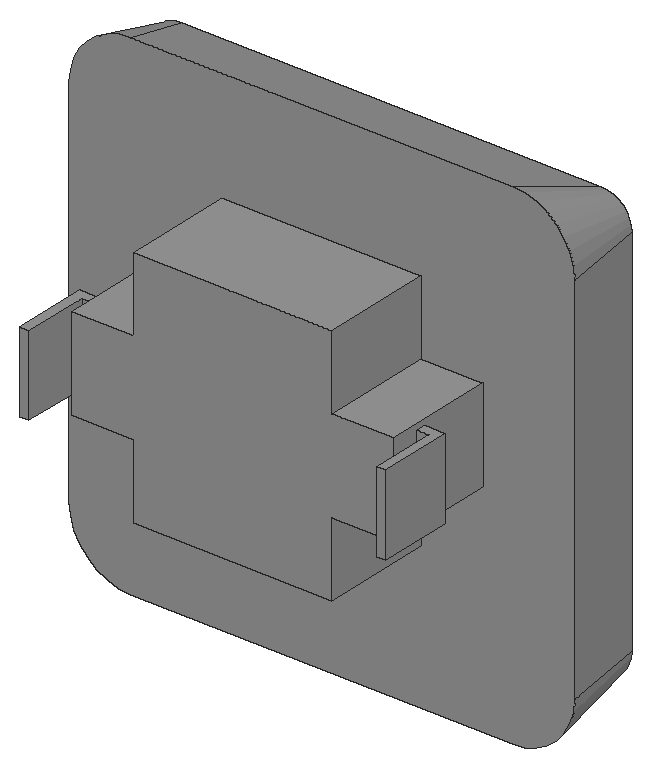
Revit family "IEK_Выключатель_Встраиваемый_С Инд 10А двухклавишный IP20_ВЕГА", category Выключатели, Revit 2019
Family settings
  Сохранять ориентацию аннотаций = Да
  Размер круглого соединителя = Использовать диаметр
  Тип детали = Переключатель
  На основе рабочей плоскости = Нет
  Всегда вертикально = Да
  При загрузке вырезать с полостями = Нет
  Общий = Нет
  Точка расчета площади = Нет
Parameters (values of type "ВС10-2-1-ВБ")
  Ширина = 81.5 mm  # constant formula
  Тип монтажа = "Скрытый монтаж (в штукатурку)"  # constant formula
  Степень защиты = "IP20"  # constant formula
  Изготовитель = "IEK"  # constant formula
  Дата изменения = ""
  Глубина = 36.3 mm  # constant formula
  Высота = 81 mm  # constant formula
  ΔХ [instance] = 2000 mm
  ΔY [instance] = 2000 mm
  KSI_CPr_Строительные изделия = "20.4.01"  # constant formula
  KSI_CMa_Строительные материалы = "01.7.14.03"  # constant formula
  IEK_Цена за единицу = 137.29
  IEK_Поиск в таблице имен = ""
  IEK_Описание = "Серия «ВЕГА» включает в себя розетки и выключатели для скрытого монтажа, которые хорошо впишутся в любой интерьер квартир, загородных домов, офисных и производственных помещений."
  IEK_URL = "https://www.iek.ru/products/catalog/izdeliya_elektroustanovochnye_udliniteli_i_silovye_razemy/elektroustanovochnye_izdeliya/elektroustanovochnye_izdeliya_skrytogo_montazha/elektroustanovochnye_izdeliya_vega/vyklyuchatel_2_klavishnyy_s_indikatsiey_vs10_2_1_vb_10a_vega_belyy_iek"
  ADSK_Ток [instance] = 10 A  # constant formula
  ADSK_Примечание = ""
  ADSK_Полная мощность [instance] = ADSK_Номинальная мощность / ADSK_Коэффициент мощности  # 2200 VA
  ADSK_Позиция [instance] = ""
  ADSK_Номинальная мощность [instance] = ADSK_Ток * ADSK_Напряжение * sqrt(ADSK_Количество фаз числовое) * ADSK_Коэффициент мощности  # 2200 W
  ADSK_Напряжение = 220 V
  ADSK_Наименование = "Выключатель 2-клавишный с индикацией ВС10-2-1-ВБ 10А ВЕГА белый IEK"
  ADSK_Материал обозначение = ""
  ADSK_Материал наименование = "Пластик"  # constant formula
  ADSK_Материал = Цвет белый
  ADSK_Масса = 0.07
  ADSK_Марка = "ВЕГА"  # constant formula
  ADSK_Коэффициент мощности [instance] = 1  # constant formula
  ADSK_Количество фаз числовое = 1
  ADSK_Количество фаз = 1
  ADSK_Код изделия = "EVV21-K01-10-DM"
  ADSK_Классификация нагрузок [instance] = Прочее
  ADSK_Завод-изготовитель = "IEK"  # constant formula
  ADSK_Единица измерения = "шт"  # constant formula
  ADSK_Группирование = "III ЭЛЕКТРОУСТАНОВОЧНЫЕ И ЭЛЕКТРОМОНТАЖНЫЕ ИЗДЕЛИЯ"  # constant formula
  ADSK_Версия семейства = "1.0"  # constant formula
  ADSK_Версия Revit = "2019"  # constant formula
  ADSK_URL страницы изделия = "https://www.iek.ru/products/catalog/izdeliya_elektroustanovochnye_udliniteli_i_silovye_razemy/elektroustanovochnye_izdeliya/elektroustanovochnye_izdeliya_skrytogo_montazha/elektroustanovochnye_izdeliya_vega/?pagec=10"
Reference planes
  plane 1 "По центру (Вперед/Назад)": y = 0
  plane 2: z = 0
  plane 3 "По центру (Влево/Вправо)": x = 0
  plane 4 "Высота ножек": z = 280
  plane 5 "Высота": z = 2081.496
  plane 6: x = -2000
  plane 7: y = 2000
Forms (mm)
  Extrusion 1, solid, material "Цвет белый" <- "ADSK_Материал", detail levels fine
    sketch origin (0, -492.152, 42.527) x (1, 0, 0) y (0, 1, 0)
      loop
        line (26, 480.152) -> (26, 478.652) -> (27.993, 478.652) -> (27.993, 468.152) -> (29.498, 468.152) -> (29.498, 480.152) -> (26, 480.152)
      loop
        line (-26, 480.152) -> (-29.498, 480.152) -> (-29.498, 468.152) -> (-27.993, 468.152) -> (-27.993, 478.652) -> (-26, 478.652) -> (-26, 480.152)
    from -5.817 to 7.183
  Extrusion 2, solid, detail levels coarse
    sketch origin (0, 0, 0) x (1, 0, 0) y (0, 1, 0)
      loop
        line (-40.75, -24) -> (40.75, -24) -> (40.75, 20) -> (-40.75, 20) -> (-40.75, -24)
    from 0 to 80.5
  Extrusion 3, solid, detail levels medium
    sketch origin (0, 0, 0) x (1, 0, 0) y (0, 1, 0)
      loop
        line (-40.75, 20) -> (-40.75, -24) -> (40.75, -24) -> (40.75, 20) -> (-40.75, 20)
    from 0 to 80.5
  Extrusion 4, void
    sketch origin (0, 0, 40.25) x (1, 0, 0) y (0, 0, -1)
      loop
        line (-29, -25) -> (29, -25) -> (29, 25) -> (-29, 25) -> (-29, -25)
    from 1 to 14.038
  Extrusion 5, solid, material "Цвет белый" <- "ADSK_Материал", detail levels fine
    sketch origin (0, 0, 39.887) x (0, 0, 1) y (0, -1, 0)
      loop
        line (-24.209, -5) -> (-24.209, -11.055)
        arc (-24.209, -11.055) -> (-22.524, -15.523) -> (-19.835, -19.47) r 20.163
        arc (-19.835, -19.47) -> (3.045, -18.975) -> (24.863, -12.066) r 80.547
        line (24.863, -12.066) -> (24.863, -5) -> (-24.209, -5)
    from -28.5 to -0.1
  Extrusion 6, solid, material "Цвет белый" <- "ADSK_Материал", detail levels fine
    sketch origin (0, 0, 40.25) x (1, 0, 0) y (0, 0, -1)
      loop
        line (16, -22.25) -> (16, -10.25) -> (26, -10.25) -> (26, 4.75) -> (16, 4.75) -> (16, 16.75) -> (-16, 16.75) -> (-16, 4.75) -> (-26, 4.75) -> (-26, -10.25) -> (-16, -10.25) -> (-16, -22.25) -> (16, -22.25)
    from -18 to 0
  Extrusion 7, solid, material "Цвет белый" <- "ADSK_Материал", detail levels fine
    sketch origin (0, 0, 39.887) x (0, 0, 1) y (0, 1, 0)
      loop
        line (-24.209, 5) -> (24.863, 5) -> (24.863, 12.066)
        arc (24.863, 12.066) -> (3.045, 18.975) -> (-19.835, 19.47) r 80.547
        arc (-19.835, 19.47) -> (-22.524, 15.523) -> (-24.209, 11.055) r 20.163
        line (-24.209, 11.055) -> (-24.209, 5)
    from -28.5 to -0.1
  Extrusion 8, solid, material "Стекло", detail levels fine
    sketch origin (0, 0, 40.25) x (0, 0, 1) y (0, -1, 0)
      loop
        line (-14.81, -20.096) -> (-14.81, -18.556)
        arc (-14.81, -18.556) -> (-15.411, -18.521) -> (-16.012, -18.482) r 80.547
        line (-16.012, -18.482) -> (-16.012, -20.022)
        arc (-16.012, -20.022) -> (-15.411, -20.061) -> (-14.81, -20.096) r 80.547
    from 9 to 19
  Extrusion 9, solid, material "Стекло", detail levels fine
    sketch origin (0, 0, 40.25) x (0, 0, 1) y (0, 1, 0)
      loop
        arc (-14.81, 20.096) -> (-15.411, 20.061) -> (-16.012, 20.022) r 80.547
        line (-16.012, 20.022) -> (-16.012, 18.482)
        arc (-16.012, 18.482) -> (-15.411, 18.521) -> (-14.81, 18.556) r 80.547
        line (-14.81, 18.556) -> (-14.81, 20.096)
    from 9 to 19
  Blend 10, solid, material "Цвет белый" <- "ADSK_Материал", detail levels fine
    base sketch origin (0, 0, 40.25) x (1, 0, 0) y (0, 0, -1)
      loop
        arc (40.75, 30.25) -> (37.821, 37.321) -> (30.75, 40.25) r 10
        line (30.75, 40.25) -> (-30.75, 40.25)
        arc (-30.75, 40.25) -> (-37.821, 37.321) -> (-40.75, 30.25) r 10
        line (-40.75, 30.25) -> (-40.75, -30.25)
        arc (-40.75, -30.25) -> (-37.821, -37.321) -> (-30.75, -40.25) r 10
        line (-30.75, -40.25) -> (30.75, -40.25)
        arc (30.75, -40.25) -> (37.821, -37.321) -> (40.75, -30.25) r 10
        line (40.75, -30.25) -> (40.75, 30.25)
    top sketch origin (0, 0, 40.25) x (1, 0, 0) y (0, 0, -1)
      loop
        arc (-38.75, -30.25) -> (-37.286, -33.786) -> (-33.75, -35.25) r 5
        line (-33.75, -35.25) -> (33.75, -35.25)
        arc (33.75, -35.25) -> (37.286, -33.786) -> (38.75, -30.25) r 5
        line (38.75, -30.25) -> (38.75, 30.25)
        arc (38.75, 30.25) -> (37.286, 33.786) -> (33.75, 35.25) r 5
        line (33.75, 35.25) -> (-33.75, 35.25)
        arc (-33.75, 35.25) -> (-37.286, 33.786) -> (-38.75, 30.25) r 5
        line (-38.75, 30.25) -> (-38.75, -30.25)
    from 0 to 14
Cuts and joins
  Extrusion 4 cuts Blend 10
Lines and regions (mm)
  reference lines
    curve 1: line (0, 44.647, 0) -> (0, -55.353, 0)
    curve 2: line (-23.829, 0, 0) -> (76.171, 0, 0)
Dimensions and locks
  locked: plane 4 "Высота ножек" to plane 2 at 280
  plane 5 "Высота" to plane 4 "Высота ножек" = 1801.496 mm
  "ΔХ": plane 6 to curve 1
  "ΔY": plane 7 to curve 2
  aligned and locked: level to plane 2
  aligned and locked: curve 2 to nested 1
  aligned and locked: nested 1 to curve 1
Automatic sketch dimensions
  plane 1 "По центру (Вперед/Назад)" to Extrusion 1 sketch curve = 12 mm  (x2)
  Extrusion 1 sketch curve to plane 3 "По центру (Влево/Вправо)" = 29.498 mm
  Extrusion 1 sketch curve to Extrusion 1 sketch curve = 1.504 mm  (x2)
  Extrusion 1 sketch curve to Extrusion 1 sketch curve = 1.993 mm  (x2)
  plane 3 "По центру (Влево/Вправо)" to Extrusion 1 sketch curve = 26 mm
  Extrusion 1 sketch curve to Extrusion 1 sketch curve = 1.5 mm  (x2)
  Extrusion 1 sketch curve to Extrusion 1 sketch curve = 10.5 mm  (x2)
  Extrusion 2 sketch curve to plane 1 "По центру (Вперед/Назад)" = 20 mm
  Extrusion 2 sketch curve to plane 3 "По центру (Влево/Вправо)" = 40.75 mm
  plane 3 "По центру (Влево/Вправо)" to Extrusion 2 sketch curve = 40.75 mm
  plane 1 "По центру (Вперед/Назад)" to Extrusion 2 sketch curve = 24 mm
  Extrusion 3 sketch curve to plane 3 "По центру (Влево/Вправо)" = 40.75 mm
  plane 3 "По центру (Влево/Вправо)" to Extrusion 3 sketch curve = 40.75 mm
  plane 1 "По центру (Вперед/Назад)" to Extrusion 3 sketch curve = 24 mm
  Extrusion 3 sketch curve to plane 1 "По центру (Вперед/Назад)" = 20 mm
  level to Extrusion 4 sketch curve = 15.25 mm
  Extrusion 4 sketch curve to plane 3 "По центру (Влево/Вправо)" = 29 mm
  Extrusion 4 sketch curve to Extrusion 4 sketch curve = 58 mm
  level to Extrusion 4 sketch curve = 65.25 mm
  level to Extrusion 5 sketch curve = 15.678 mm
  level to Extrusion 5 sketch curve = 29.77 mm
  level to Extrusion 5 sketch curve = 35.254 mm
  level to Extrusion 5 sketch curve = 64.75 mm
  Extrusion 5 sketch curve to plane 1 "По центру (Вперед/Назад)" = 12.066 mm
  Extrusion 5 sketch curve to Extrusion 5 sketch curve = 1.011 mm
  Extrusion 5 sketch curve to Extrusion 5 sketch curve = 4.83 mm
  Extrusion 5 sketch curve to Extrusion 5 sketch curve = 7.066 mm
  Extrusion 5 sketch curve to Extrusion 5 sketch curve = 66.713 mm
  level to Extrusion 6 sketch curve = 50.5 mm  (x2)
  Extrusion 6 sketch curve to plane 3 "По центру (Влево/Вправо)" = 26 mm
  Extrusion 6 sketch curve to Extrusion 6 sketch curve = 10 mm  (x3)
  Extrusion 6 sketch curve to Extrusion 6 sketch curve = 32 mm
  level to Extrusion 6 sketch curve = 35.5 mm  (x2)
  Extrusion 6 sketch curve to Extrusion 6 sketch curve = 0 mm
  Extrusion 6 sketch curve to Extrusion 6 sketch curve = 12 mm  (x2)
  level to Extrusion 7 sketch curve = 15.678 mm
  level to Extrusion 7 sketch curve = 29.77 mm
  level to Extrusion 7 sketch curve = 35.254 mm
  level to Extrusion 7 sketch curve = 64.75 mm
  plane 1 "По центру (Вперед/Назад)" to Extrusion 7 sketch curve = 60.489 mm
  Extrusion 7 sketch curve to Extrusion 7 sketch curve = 65.489 mm
  Extrusion 7 sketch curve to Extrusion 7 sketch curve = 1.224 mm
  Extrusion 7 sketch curve to Extrusion 7 sketch curve = 6.055 mm
  Extrusion 7 sketch curve to Extrusion 7 sketch curve = 7.066 mm
  level to Extrusion 8 sketch curve = 24.238 mm
  Extrusion 8 sketch curve to Extrusion 8 sketch curve = 1.202 mm
  level to Extrusion 8 sketch curve = 29.77 mm
  Extrusion 8 sketch curve to Extrusion 8 sketch curve = 0.066 mm
  Extrusion 8 sketch curve to plane 1 "По центру (Вперед/Назад)" = 20.096 mm
  Extrusion 8 sketch curve to Extrusion 8 sketch curve = 0.075 mm
  Extrusion 8 sketch curve to Extrusion 8 sketch curve = 1.54 mm
  Extrusion 8 sketch curve to Extrusion 8 sketch curve = 0.074 mm
  level to Extrusion 9 sketch curve = 24.238 mm
  Extrusion 9 sketch curve to Extrusion 9 sketch curve = 1.202 mm
  level to Extrusion 9 sketch curve = 29.77 mm
  Extrusion 9 sketch curve to Extrusion 9 sketch curve = 0.066 mm
  plane 1 "По центру (Вперед/Назад)" to Extrusion 9 sketch curve = 61.875 mm
  Extrusion 9 sketch curve to Extrusion 9 sketch curve = 1.544 mm
  Extrusion 9 sketch curve to Extrusion 9 sketch curve = 78.813 mm
  Extrusion 9 sketch curve to Extrusion 9 sketch curve = 1.539 mm
  level to Blend 10 sketch curve = 10 mm  (x2)
  Blend 10 sketch curve to plane 3 "По центру (Влево/Вправо)" = 40.75 mm
  Blend 10 sketch curve to Blend 10 sketch curve = 10 mm  (x3)
  Blend 10 sketch curve to Blend 10 sketch curve = 61.5 mm  (x2)
  level to Blend 10 sketch curve = 70.5 mm  (x3)
  Blend 10 sketch curve to plane 3 "По центру (Влево/Вправо)" = 38.75 mm
  Blend 10 sketch curve to Blend 10 sketch curve = 5 mm  (x2)
  Blend 10 sketch curve to Blend 10 sketch curve = 67.5 mm
  Blend 10 sketch curve to Blend 10 sketch curve = 0 mm
  curve 2 to plane 3 "По центру (Влево/Вправо)" = 23.829 mm
  plane 3 "По центру (Влево/Вправо)" to curve 2 = 76.171 mm
  plane 1 "По центру (Вперед/Назад)" to curve 1 = 55.353 mm
  curve 1 to plane 1 "По центру (Вперед/Назад)" = 44.647 mm
Nested families
  nested 1: "УГО Выключателя" at (0, 0, 0), type "2K-C", detail levels coarse+medium
    with IP44 no
Connectors
  electrical at (0, -24, 40.25), driven by "ADSK_Количество фаз", driven by "ADSK_Классификация нагрузок", driven by "ADSK_Напряжение", driven by "ADSK_Полная мощность", driven by "ADSK_Коэффициент мощности"
    settings: on Extrusion 2, index 1, voltage 220 V, apparent load 0 VA, apparent load phase1 2200 VA, apparent load phase2 0 VA, apparent load phase3 0 VA, power factor 1, load classification "Прочее", number of poles 1, system type 31, power factor state 1, is connector primary yes, connector utility no, sub classification motor no, connector description ""
Definition of nested family "УГО Выключателя"
  Parameters (values of type "3K-O")
    IP44 [instance] = no
    3K-C = no
    2K-C = no
    1K-C = no
    3K-O = yes
    2K-O = no
    1K-O = no
  Types (6, lengths in mm): name | 3K-C | 2K-C | 1K-C | 3K-O | 1K-O
    2K-O | no | no | no | yes | no
    3K-O | no | no | no | yes | no
    2K-C | no | yes | no | no | no
    1K-O | no | no | no | no | yes
    1K-C | no | no | yes | no | no
    3K-C | yes | no | no | no | no
  Reference planes
    plane 1: y = 0
    plane 2: x = 0
  Lines and regions (mm)
    Filled region 1, type "Цветовая область 1", visible <- "IP44"
      outline origin (0, 0, 0) x (1, 0, 0) y (0, 1, 0)
        loop
          circle (0.006, 0.994) r 0.994
    Filled region 2, type "Цветовая область 1", visible <- "IP44", not visible
      outline origin (0, 0, 0) x (1, 0, 0) y (0, 1, 0)
        loop
          circle (0, 2.214) r 0.994
    Filled region 3, type "Цветовая область 1", visible <- "IP44"
      outline origin (-1.562, 0, 0) x (1, 0, 0) y (0, 1, 0)
        loop
          circle (1.569, 0.994) r 0.994
    Filled region 4, type "Цветовая область 1", visible <- "1K-O"
      outline origin (0, 6.25, 0) x (1, 0, 0) y (0, 1, 0)
        loop
          circle (0.006, -5.256) r 0.994
    Filled region 5, type "Цветовая область 1", visible <- "IP44"
      outline origin (-1.562, 0, 0) x (1, 0, 0) y (0, 1, 0)
        loop
          circle (1.569, 0.994) r 0.994
    Filled region 6, type "Цветовая область 1", visible <- "IP44"
      outline origin (0, 0, 0) x (1, 0, 0) y (0, 1, 0)
        loop
          circle (0.006, 0.994) r 0.994
    Filled region 7, type "Цветовая область 1", visible <- "IP44", not visible
      outline origin (-1.562, 0, 0) x (1, 0, 0) y (0, 1, 0)
        loop
          circle (11.009, 9.276) r 0.994
    Filled region 8, type "Цветовая область 1", visible <- "1K-O", not visible
      outline origin (0, 6.25, 0) x (1, 0, 0) y (0, 1, 0)
        loop
          circle (15.194, 9.276) r 0.994
    Filled region 9, type "Цветовая область 1", visible <- "IP44", not visible
      outline origin (-1.562, 0, 0) x (1, 0, 0) y (0, 1, 0)
        loop
          circle (23.521, 9.279) r 0.994
    Filled region 10, type "Цветовая область 1", visible <- "IP44", not visible
      outline origin (0, 0, 0) x (1, 0, 0) y (0, 1, 0)
        loop
          circle (28.604, 9.279) r 0.994
    Filled region 11, type "Цветовая область 1", visible <- "IP44", not visible
      outline origin (0, 0, 0) x (1, 0, 0) y (0, 1, 0)
        loop
          circle (32.789, 9.279) r 0.994
    Filled region 12, type "Цветовая область 1", visible <- "IP44"
      outline origin (0, 0, 0) x (1, 0, 0) y (0, 1, 0)
        loop
          circle (0.006, 0.994) r 0.994
    detail lines, visible <- "3K-O"
      curve 1: line (0.867, 1.49, 0) -> (3.037, 2.744, 0)
      curve 2: line (0.645, 1.755, 0) -> (2.256, 3.675, 0)
      curve 3: line (0.33, 1.933, 0) -> (1.146, 4.303, 0)
      curve 7: circle (0.006, 0.994, 0) r 0.994 normal (0, 0, 1)
      curve 16: line (3.037, 2.744, 0) -> (3.437, 2.051, 0)
      curve 17: line (2.256, 3.675, 0) -> (2.869, 3.161, 0)
      curve 18: line (1.146, 4.303, 0) -> (1.902, 4.042, 0)
    detail lines, visible <- "2K-O"
      curve 4: line (0.756, 1.645, 0) -> (2.648, 3.29, 0)
      curve 5: line (0.488, 1.863, 0) -> (1.703, 4.055, 0)
      curve 8: circle (0.006, 0.994, 0) r 0.994 normal (0, 0, 1)
      curve 19: line (2.648, 3.29, 0) -> (3.173, 2.686, 0)
      curve 20: line (1.703, 4.055, 0) -> (2.403, 3.667, 0)
    detail lines, visible <- "1K-O"
      curve 6: line (0.576, 1.808, 0) -> (2.014, 3.861, 0)
      curve 9: circle (0.006, 0.994, 0) r 0.994 normal (0, 0, 1)
      curve 21: line (2.014, 3.861, 0) -> (2.669, 3.402, 0)
    detail lines, visible <- "3K-C"
      curve 10: line (0.867, 1.49, 0) -> (3.037, 2.744, 0)
      curve 11: line (0.645, 1.755, 0) -> (2.256, 3.675, 0)
      curve 12: line (0.33, 1.933, 0) -> (1.146, 4.303, 0)
      curve 14: circle (0.006, 0.994, 0) r 0.994 normal (0, 0, 1)
      curve 23: line (2.812, 3.133, 0) -> (3.262, 2.354, 0)
      curve 24: line (1.911, 3.964, 0) -> (2.601, 3.386, 0)
      curve 25: line (0.72, 4.449, 0) -> (1.571, 4.156, 0)
    detail lines, visible <- "1K-C"
      curve 13: line (0.576, 1.808, 0) -> (2.014, 3.861, 0)
      curve 15: circle (0.006, 0.994, 0) r 0.994 normal (0, 0, 1)
      curve 22: line (1.645, 4.119, 0) -> (2.383, 3.603, 0)
    detail lines, visible <- "3K-O", not visible
      curve 26: line (0.86, 2.711, 0) -> (3.031, 3.964, 0)
      curve 27: line (0.639, 2.975, 0) -> (2.25, 4.895, 0)
      curve 28: line (0.323, 3.154, 0) -> (1.139, 5.524, 0)
      curve 29: circle (0, 2.214, 0) r 0.994 normal (0, 0, 1)
      curve 30: line (3.031, 3.964, 0) -> (3.431, 3.272, 0)
      curve 31: line (2.25, 4.895, 0) -> (2.863, 4.381, 0)
      curve 32: line (1.139, 5.524, 0) -> (1.896, 5.263, 0)
    detail lines, visible <- "2K-O", not visible
      curve 33: line (10.196, 9.928, 0) -> (12.088, 11.572, 0)
      curve 34: line (9.928, 10.145, 0) -> (11.143, 12.337, 0)
      curve 35: circle (9.446, 9.276, 0) r 0.994 normal (0, 0, 1)
      curve 36: line (12.088, 11.572, 0) -> (12.613, 10.968, 0)
      curve 37: line (11.143, 12.337, 0) -> (11.843, 11.949, 0)
    detail lines, visible <- "1K-O", not visible
      curve 38: line (15.764, 16.34, 0) -> (17.201, 18.393, 0)
      curve 39: circle (15.194, 15.526, 0) r 0.994 normal (0, 0, 1)
      curve 40: line (17.201, 18.393, 0) -> (17.857, 17.934, 0)
    detail lines, visible <- "3K-C", not visible
      curve 41: line (22.819, 9.775, 0) -> (24.99, 11.029, 0)
      curve 42: line (22.597, 10.04, 0) -> (24.208, 11.96, 0)
      curve 43: line (22.282, 10.218, 0) -> (23.098, 12.588, 0)
      curve 44: circle (21.958, 9.279, 0) r 0.994 normal (0, 0, 1)
      curve 45: line (24.765, 11.418, 0) -> (25.215, 10.639, 0)
      curve 46: line (23.863, 12.249, 0) -> (24.553, 11.67, 0)
      curve 47: line (22.672, 12.734, 0) -> (23.523, 12.441, 0)
    detail lines, visible <- "2K-C", not visible
      curve 48: line (29.354, 9.93, 0) -> (31.246, 11.575, 0)
      curve 49: line (29.086, 10.148, 0) -> (30.301, 12.34, 0)
      curve 50: circle (28.604, 9.279, 0) r 0.994 normal (0, 0, 1)
      curve 51: line (30.951, 11.914, 0) -> (31.541, 11.235, 0)
      curve 52: line (29.908, 12.558, 0) -> (30.695, 12.122, 0)
    detail lines, visible <- "1K-C", not visible
      curve 53: line (33.359, 10.092, 0) -> (34.797, 12.146, 0)
      curve 54: circle (32.789, 9.279, 0) r 0.994 normal (0, 0, 1)
      curve 55: line (34.428, 12.404, 0) -> (35.165, 11.887, 0)
    detail lines, visible <- "2K-C"
      curve 56: line (0.756, 1.645, 0) -> (2.648, 3.29, 0)
      curve 57: line (0.488, 1.863, 0) -> (1.703, 4.055, 0)
      curve 58: circle (0.006, 0.994, 0) r 0.994 normal (0, 0, 1)
      curve 59: line (2.353, 3.629, 0) -> (2.943, 2.95, 0)
      curve 60: line (1.31, 4.273, 0) -> (2.097, 3.837, 0)
    detail lines
      curve 61: line (0.006, 0, 0) -> (0.006, 2.454, 0)
      curve 62: line (0.006, 0, 0) -> (2.217, 0, 0)
